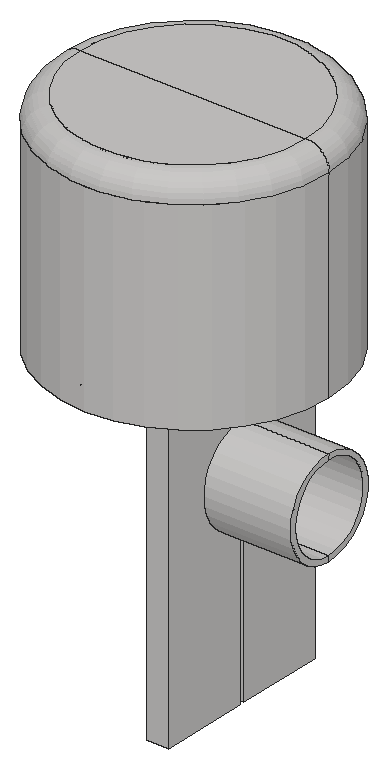
Revit family
Parameters (values of type "7140 (4" Diameter)")
  Weight (lb) = 55
  Warranty = "1 year material and workmanship"  # constant formula
  URL = "http://www.jrsmith.com"
  Technical and Installation = "http://www.jrsmith.com/products/backw/tech/td_back.htm"
  SmartBIM Object Version = 3  # constant formula
  SmartBIM Object Created By = "Reed Construction Data"  # constant formula
  Product URL = "http://www.jrsmith.com/products/backw/submittal/d7140.pdf"
  Pipe Size = 4"
  OmniClass Title = "Backwater Valves"  # constant formula
  OmniClass Code = "22-22 05 23"  # constant formula
  No Hub = no
  Model = "7140"  # constant formula
  Max. Static Load = ""
  Material Finish = Duco coated
  Material = Stainless Steel Satin
  Manufacturer = "Jay R. Smith Mfg. Co."  # constant formula
  Maintenance = ""
  Inlet And Outlet Diameter = "4\""
  G = 4 1/2"
  Free Area(Sq In) = ""
  Flow Rate = ""
  E = 6 5/8"
  Description = "Duco cast iron body complete with stainless steel gate and flexible PVC diaphragm/expansion chamber"  # constant formula
  Default Elevation = 48"
  D = 12 5/8"
  Capacity = ""
  C = 22 15/16"
  B = 15"
  Assembly Code = "D2030400"
  Action = "Automatic Gate"
  Inlet And Outlet Radius = 2"
  95 CSI = "15110"  # constant formula
  04 CSI = "22 05 23"  # constant formula
Types (3): name | Weight (lb) | Pipe Size | Inlet And Outlet Diameter | G | E | D | C | B | Inlet And Outlet Radius
  (no name) | 55 | 4" | "4\"" | 4 1/2" | 6 5/8" | 12 5/8" | 22 15/16" | 15" | 2"
  7140 (4" Diameter) | 55 | 4" | "4\"" | 4 1/2" | 6 5/8" | 12 5/8" | 22 15/16" | 15" | 2"
  7140 (6" Diameter) | 78 | 6" | "6\"" | 5" | 8 3/16" | 13 1/4" | 31 1/4" | 23" | 3"
Reference planes (in)
  plane 1 "Center (Front/Back)": y = 0
  plane 2: z = 0
  plane 3 "Center (Left/Right)": x = -3.05151
  plane 4: x = 3.26099
  plane 5: x = -9.36401
  plane 6: z = 12.68136
  plane 7: z = 11.75141
  plane 8: x = -3.36401
  plane 9: z = 24.58626
  plane 10: z = 9.58626
  plane 11: z = 1.64876
  plane 12: x = -1.23901
  plane 13: y = 4.25
  plane 14: y = -4.28673
  plane 15: z = 10.64876
  plane 16: z = 14.14876
  plane 17: z = 13.64876
  plane 18: z = 15.0791
Forms (in)
  Revolve 1, solid, material "Stainless Steel Satin" <- "Material"
    sketch origin (0, 0, 0) x (1, 0, 0) y (0, 0, 1)
      loop
        line (-3.05151, 24.58626) -> (-8.30151, 24.58626)
        arc (-8.30151, 24.58626) -> (-9.05281, 24.27506) -> (-9.36401, 23.52376) r 1.0625
        line (-9.36401, 23.52376) -> (-9.36401, 14.14876) -> (-9.03995, 14.14876) -> (-9.03995, 14.78888)
        arc (-9.03995, 14.78888) -> (-8.97129, 14.85754) -> (-8.90264, 14.78888) r 0.06866
        line (-8.90264, 14.78888) -> (-8.90264, 14.14876) -> (-8.81446, 14.14876) -> (-8.81446, 14.8815)
        arc (-8.81446, 14.8815) -> (-8.98508, 15.05212) -> (-9.15571, 14.8815) r 0.17063
        line (-9.15571, 14.8815) -> (-9.15571, 23.3739)
        arc (-9.15571, 23.3739) -> (-8.96112, 24.07412) -> (-8.30151, 24.37923) r 0.86556
        line (-8.30151, 24.37923) -> (-3.05151, 24.37923) -> (-3.05151, 24.58626)
      axis (-3.05151, 24.58626) -> (-3.05151, 14.14876)
    angle from 0 to 360
  Revolve 2, solid, material "Stainless Steel Satin" <- "Material"
    sketch origin (0, 0, 0) x (1, 0, 0) y (0, 0, 1)
      loop
        line (3.26099, 11.83626) -> (-3.36401, 11.83626) -> (-3.36401, 11.58626) -> (3.26099, 11.58626) -> (3.26099, 11.83626)
      axis (-3.36401, 9.58626) -> (3.26099, 9.58626)
    angle from 0 to 360
  Extrusion 3, solid, material "Stainless Steel Satin" <- "Material"
    sketch origin (-1.23901, -180, 95.06503) x (0, 0, 1) y (0, -1, 0)
      loop
        line (-95.06503, -184.25) -> (-80.91627, -184.25) -> (-80.91627, -180.125) -> (-95.06503, -180.125) -> (-95.06503, -184.25)
      loop
        line (-80.91627, -175.71327) -> (-95.06503, -175.71327) -> (-95.06503, -179.875) -> (-80.91627, -179.875) -> (-80.91627, -175.71327)
    from -0.5675 to 0.44642
  Extrusion 4, solid
    sketch origin (0, 0, 0) x (1, 0, 0) y (0, 1, 0)
      loop
        circle (-3.05151, 0) r 5.76295
    from 14.14876 to 15.0791
  Extrusion 5, void
    sketch origin (-3.05151, 0, 0) x (0, 1, 0) y (0, 0, 1)
      loop
        circle (0, 9.58626) r 2
    from -0.3125 to 6.3125
Cuts and joins
  Extrusion 5 cuts Revolve 2
  Extrusion 5 cuts Extrusion 3
  joined: Revolve 2, Extrusion 3
Dimensions and locks (in)
  equal spacing: plane 4, plane 3 "Center (Left/Right)", plane 5
  "D": plane 4 to plane 5
  "E": plane 4 to plane 8
  locked: Revolve 1 sketch curve to Revolve 1 sketch curve at 0.2083
  locked: Revolve 1 sketch curve to Revolve 1 sketch curve at 0.20703
  "B": plane 9 to plane 10
  "C": plane 9 to plane 11
  "G": plane 4 to plane 12
  locked: plane 13 to plane 14 at 8.53673
  plane 12 to plane 8 = 2 1/8"
  locked: plane 11 to level at 1.64876
  locked: plane 7 to plane 11 at 10.10264
  locked: plane 16 to plane 17 at 0.5
  "Inlet And Outlet Radius": Revolve 2 sketch curve to Revolve 2 sketch curve
  cut or joined group of Revolve 2, Extrusion 3, Extrusion 5 to plane 12 to cut or joined group of Revolve 2, Extrusion 3, Extrusion 5 = 0.44642" locked, 0.5675" locked
  locked: plane 18 to plane 16 at 0.93034
  locked: Revolve 2 sketch curve to Revolve 2 sketch curve at 0.25
  aligned and locked: Revolve 1 sketch curve to plane 3 "Center (Left/Right)"  (x2)
  aligned and locked: plane 5 to Revolve 1 sketch curve  (x2)
  aligned and locked: plane 9 to Revolve 1 sketch curve
  aligned and locked: plane 13 to cut or joined group of Revolve 2, Extrusion 3, Extrusion 5
  aligned and locked: plane 8 to Revolve 2 sketch curve
  aligned and locked: plane 4 to Revolve 2 sketch curve
  aligned and locked: Revolve 1 sketch curve to plane 16  (x2)
  aligned and locked: plane 16 to Extrusion 3 sketch curve  (x2)
  aligned and locked: Extrusion 4 sketch curve to Revolve 1  (x2)
  aligned and locked: Extrusion 4 to plane 16
  aligned and locked: plane 18 to Extrusion 4
  aligned and locked: Extrusion 5 sketch curve to cut or joined group of Revolve 2, Extrusion 3, Extrusion 5  (x2)
  aligned and locked: plane 4 to Extrusion 5
  aligned and locked: Extrusion 5 to plane 8
  aligned and locked: Extrusion 3 sketch curve to plane 2  (x2)
  aligned and locked: Revolve 2 sketch curve to plane 10
Automatic sketch dimensions
  Revolve 1 sketch curve to Revolve 1 sketch curve = 0.32406"
  Revolve 1 sketch curve to Revolve 1 sketch curve = 0.05487"
  Revolve 1 sketch curve to Revolve 1 sketch curve = 0.06866"
  Revolve 1 sketch curve to Revolve 1 sketch curve = 0"
  Revolve 1 sketch curve to level = 46.65555"
  plane 6 to Revolve 1 sketch curve = 2.10752"
  Revolve 1 sketch curve to Revolve 1 sketch curve = 0.09262"
  Revolve 1 sketch curve to Revolve 1 sketch curve = 0.13977"
  Revolve 1 sketch curve to Revolve 1 sketch curve = 0.14986"
  Revolve 1 sketch curve to Revolve 1 sketch curve = 70.47877"
  Extrusion 3 sketch curve to plane 13 = 0"
  Extrusion 3 sketch curve to plane 14 = 0"
  Extrusion 3 sketch curve to plane 1 "Center (Front/Back)" = 1/8"
  plane 1 "Center (Front/Back)" to Extrusion 3 sketch curve = 1/8"
  Revolve 2 sketch curve to plane 5 = 13.56177"
  plane 4 to Revolve 2 sketch curve = 8.81924"
Connectors (in)
  piping at (3.26099, 0, 9.58626), driven by "Inlet And Outlet Radius"
    settings: on Revolve 2, index 1
  piping at (-3.36401, 0, 9.58626), driven by "Inlet And Outlet Radius"
    settings: on Revolve 2, index 2
